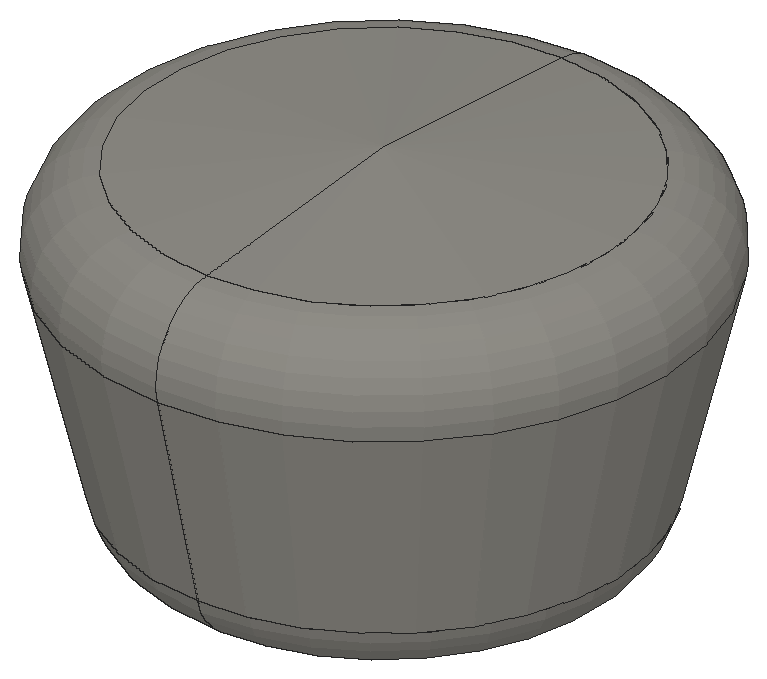
Revit family "puf_13251", category Мебель, Revit 2017
Family settings
  На основе рабочей плоскости = Нет
  Всегда вертикально = Да
  При загрузке вырезать с полостями = Нет
  Общий = Нет
  Точка расчета площади = Нет
Parameters (values of type "puff")
  free02 fabric = free02 fabric
  Assembly Code = ""
Reference planes (m)
  plane 1 "Center (Front/Back)": y = 0
  plane 2: z = 0
  plane 3 "Center (Left/Right)": x = 0
Forms (m)
  Revolve 1, solid, material "free02 fabric" <- "free02 fabric"
    sketch origin (0, 0, 0) x (0, 1, 0) y (0, 0, 1)
      loop
        arc (0.178413, 0) -> (0.221492, 0.014826) -> (0.246323, 0.053023) r 0.07
        line (0.246323, 0.053023) -> (0.298973, 0.263623)
        arc (0.298973, 0.263623) -> (0.287875, 0.324506) -> (0.234792, 0.356321) r 0.075
        arc (0.234792, 0.356321) -> (0.11756, 0.367743) -> (0, 0.375054) r 3.36404
        line (0, 0.375054) -> (0, 0) -> (0.178413, 0)
      axis (0, 0.375054) -> (0, 0)
    angle from 0 to 360
